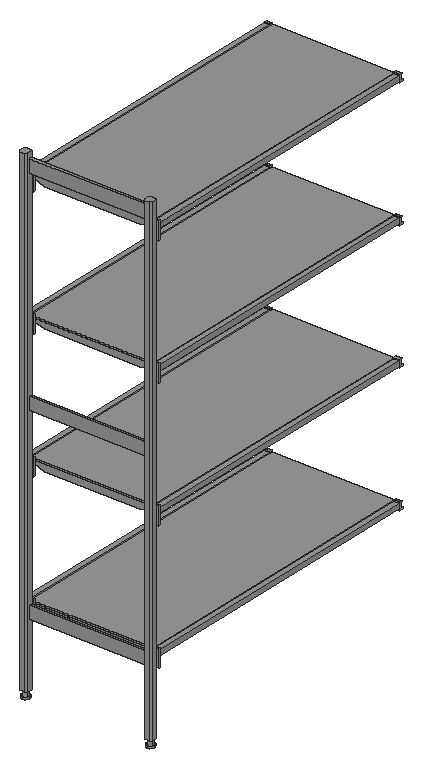
Revit family "QF_ZANUSSI_137074_CLS1094", category Attrezzature speciali, Revit 2020
Family settings
  Quota connettore circolare = Usa diametro
  Tipo di parte = Normale
  Basato su piano di lavoro = No
  Sempre verticale = Sì
  Taglio con vuoti quando caricato = No
  Condiviso = No
  Punto di calcolo locali = No
Parameters (values of type "Standard")
  Weight = 20.00 kg
  Watts = 0 W
  Volts = 0 V
  URL Manufacturer = "http://www.zanussiprofessional.com"
  URL = "http://www.zanussiprofessional.com"
  Steam Supply Size = 0 mm
  Steam Supply Minimum Pressure = 0.0 Pa
  Steam Supply Maximum Pressure = 0.0 Pa
  Steam Consumption per Hour = 0
  Refrigeration Suction Line Size = 0.0 mm
  Refrigeration Liquid Line Size = 0.0 mm
  Refrigerant Compressor Remote = yes
  Prospetto di default = 0.0 mm
  Phase = 0
  Modello = "CLS1094"
  Produttore = "Zanussi"
  Length Actual = 1098.0 mm  # constant formula
  Item Number = "137074"
  Hot Water Size = 0 mm
  Height Actual = 1700.0 mm  # constant formula
  HP = "0 HP"
  Gas Size = 0 mm
  Gas KW = 0
  Gas Input Pressure = 0 W
  Direct Waste Size = 0 mm
  Descrizione = "ALUM.CORNER SHELV.-POLY.TIERS-475X1098MM"
  Depth Actual = 475.0 mm  # constant formula
  Cycle = 0 Hz
  Condensate Return Size = 0 mm
  Compressed Air Volume = 0.0 L/s
  Compressed Air Size = 0 mm
  Compressed Air Pressure = 0.0 Pa
  Cold Water Size = 0 mm
  Accessory = yes
Reference planes
  plane 1: z = 0
  plane 2 "Center (F/B)": y = -163.5
  plane 3 "Front": y = -549.5
  plane 4 "Left": x = -217.5
  plane 5 "Right": x = 257.5
  plane 6 "TOP": z = 1700
  plane 7: y = -517.5
  plane 8: y = 544.5
  plane 9 "Center (Left/Right)": x = 20
  plane 10: y = 539.5
  plane 11: x = -186
  plane 12: x = 226
  plane 13 "FEET": z = 25
  plane 14: z = 275
  plane 15: z = 725
  plane 16: z = 1175
  plane 17: z = 1625
  plane 18 "CXLeft": y = -535.5
  plane 19: x = -200
  plane 20 "CYBack": x = -200
  plane 21 "CYFront": x = 138
  plane 22 "Back": y = 548.5
  plane 23 "LEFT_ORIGIN": x = -251.5
  plane 24 "BACK_Origin": y = 1023.5
Forms (mm)
  Extrusion 1, solid, material "QF_Aluminum"
    sketch origin (0, -549.5, 0) x (-1, 0, 0) y (0, 0, 1)
      loop
        line (198.5, 1650.994) -> (198.5, 1632.998) -> (217.5, 1632.998) -> (217.5, 1650.994) -> (198.5, 1650.994)
      loop
        line (-238.5, 1650.994) -> (-257.5, 1650.994) -> (-257.5, 1632.998) -> (-238.5, 1632.998) -> (-238.5, 1650.994)
      loop
        line (198.5, 1200.994) -> (198.5, 1182.998) -> (217.5, 1182.998) -> (217.5, 1200.994) -> (198.5, 1200.994)
      loop
        line (-238.522, 1200.994) -> (-257.5, 1200.994) -> (-257.5, 1182.998) -> (-238.522, 1182.998) -> (-238.522, 1200.994)
      loop
        line (198.5, 750.994) -> (198.5, 732.998) -> (217.5, 732.998) -> (217.5, 750.994) -> (198.5, 750.994)
      loop
        line (-238.522, 750.994) -> (-257.5, 750.994) -> (-257.5, 732.998) -> (-238.522, 732.998) -> (-238.522, 750.994)
      loop
        line (198.5, 300.994) -> (198.5, 282.998) -> (217.5, 282.998) -> (217.5, 300.994) -> (198.5, 300.994)
      loop
        line (-238.522, 300.994) -> (-257.5, 300.994) -> (-257.5, 282.998) -> (-238.522, 282.998) -> (-238.522, 300.994)
    from 32 to 1094
  Extrusion 2, solid, material "QF_Polyethylene"
    sketch origin (0, -549.5, 0) x (-1, 0, 0) y (0, 0, 1)
      loop
        line (196.507, 1650.994) -> (-236.522, 1650.994) -> (-236.522, 1644.496) -> (196.507, 1644.496) -> (196.507, 1650.994)
      loop
        line (196.507, 1200.994) -> (-236.522, 1200.994) -> (-236.522, 1194.496) -> (196.507, 1194.496) -> (196.507, 1200.994)
      loop
        line (196.507, 750.994) -> (-236.522, 750.994) -> (-236.522, 744.496) -> (196.507, 744.496) -> (196.507, 750.994)
      loop
        line (196.507, 300.994) -> (-236.522, 300.994) -> (-236.522, 294.496) -> (196.507, 294.496) -> (196.507, 300.994)
    from 32 to 1094
Lines and regions (mm)
  symbolic lines
    curve 1: line (-198.5, 544.5, 1700) -> (-198.5, -517.5, 1700)
    curve 2: line (-217.5, -521.5, 1700) -> (-217.5, 544.5, 1700)
    curve 3: line (257.5, -521.5, 1700) -> (257.5, 544.5, 1700)
    curve 4: line (-181.507, -517.5, 1700) -> (221.507, -517.5, 1700)
    curve 5: line (238.522, -517.5, 1700) -> (238.522, 544.5, 1700)
    curve 6: line (-198.5, 544.5, 1700) -> (238.522, 544.5, 1700)
Dimensions and locks
  plane 3 "Front" to plane 2 "Center (F/B)" = 386.0 mm
  locked: plane 6 "TOP" to level at 1700
  locked: plane 4 "Left" to plane 5 "Right" at 475
  locked: plane 7 to plane 8 at 1062
  locked: plane 3 "Front" to plane 7 at 32
  plane 10 to plane 8 = 5.0 mm
  locked: plane 11 to plane 12 at 412
  equal spacing: plane 11, plane 9 "Center (Left/Right)", plane 12
  equal spacing: plane 4 "Left", plane 9 "Center (Left/Right)", plane 5 "Right"
  plane 13 "FEET" to level = 25.0 mm
  plane 6 "TOP" to plane 13 "FEET" = 1675.0 mm
  plane 14 to plane 13 "FEET" = 250.0 mm
  plane 15 to plane 14 = 450.0 mm
  plane 16 to plane 15 = 450.0 mm
  plane 17 to plane 16 = 450.0 mm
  locked: plane 3 "Front" to plane 18 "CXLeft" at 14
  locked: plane 3 "Front" to plane 22 "Back" at 1098
  plane 23 "LEFT_ORIGIN" to plane 5 "Right" = 509.0 mm
  locked: plane 22 "Back" to plane 24 "BACK_Origin" at 475
  aligned and locked: level to plane 1
  aligned and locked: Extrusion 2 to plane 7
  aligned and locked: plane 8 to Extrusion 2
  aligned and locked: Extrusion 1 to plane 7
  aligned and locked: plane 8 to Extrusion 1
  aligned and locked: Extrusion 1 sketch curve to Extrusion 1 sketch curve  (x2)
  aligned and locked: plane 18 "CXLeft" to nested 1
  aligned and locked: nested 2 to plane 10
Automatic sketch dimensions
  curve 2 to plane 4 "Left" = 0.0 mm
  curve 3 to plane 5 "Right" = 0.0 mm
  plane 7 to curve 1 = 0.0 mm
  plane 7 to curve 4 = 0.0 mm
  plane 7 to curve 5 = 0.0 mm
  plane 8 to curve 2 = 0.0 mm
  plane 8 to curve 1 = 0.0 mm
  plane 8 to curve 3 = 0.0 mm
  curve 5 to plane 21 "CYFront" = 100.522 mm
  plane 19 to curve 6 = 1.5 mm
  plane 7 to curve 3 = 4.0 mm
  plane 7 to curve 2 = 4.0 mm
  plane 12 to curve 4 = 4.493 mm
  curve 4 to plane 11 = 4.493 mm
  plane 5 "Right" to Extrusion 1 sketch curve = 0.0 mm  (x4)
  plane 4 "Left" to Extrusion 1 sketch curve = 0.0 mm  (x4)
  Extrusion 1 sketch curve to plane 21 "CYFront" = 100.522 mm
  Extrusion 1 sketch curve to plane 21 "CYFront" = 100.5 mm
  plane 19 to Extrusion 1 sketch curve = 1.5 mm  (x4)
  plane 14 to Extrusion 1 sketch curve = 7.998 mm  (x2)
  Extrusion 1 sketch curve to Extrusion 1 sketch curve = 17.997 mm  (x8)
  plane 15 to Extrusion 1 sketch curve = 7.998 mm  (x2)
  plane 16 to Extrusion 1 sketch curve = 7.998 mm  (x2)
  plane 17 to Extrusion 1 sketch curve = 7.998 mm  (x2)
  Extrusion 2 sketch curve to plane 21 "CYFront" = 98.522 mm  (x4)
  plane 19 to Extrusion 2 sketch curve = 3.493 mm  (x4)
  plane 14 to Extrusion 2 sketch curve = 19.496 mm
  Extrusion 2 sketch curve to Extrusion 2 sketch curve = 6.499 mm  (x4)
  plane 15 to Extrusion 2 sketch curve = 19.496 mm
  plane 16 to Extrusion 2 sketch curve = 19.496 mm
  plane 17 to Extrusion 2 sketch curve = 19.496 mm
Nested families
  nested 1: "WT_Anta475" at (-194.5, -132.5, 0) x (0, 1, 0) z (0, 0, 1), type "WT_Anta475"
  nested 2: "WT_Aggancio475" at (-194.5, 956.5, 0) x (0, 1, 0) z (0, 0, 1), type "WT_Aggancio475"
Definition of nested family "WT_Anta475"
  Parameters
    WidthLeft = A + 64.0 mm  # 772.0 mm
    Width = 1606.0 mm
    Right = WidthLeft / 2  # 386.0 mm
    Default Elevation = 0.0 mm
    Left = -WidthLeft / 2  # -386.0 mm
    Height = 1725.0 mm
    FEET = 25.0 mm
    E = 0.0 mm
    Dint = Depth - 63.0 mm  # 412.0 mm
    Dext = Depth - 8.0 mm  # 467.0 mm
    Depth = 475.0 mm
    DX = (WidthLeft - A) / 2  # 32.0 mm
    B = 798.0 mm
    A = 708.0 mm
  Reference planes
    plane 1: z = 0
    plane 2 "LEFT": x = -417
    plane 3 "BACK": y = 23
    plane 4 "FRONT": y = -452
    plane 5 "TOP": z = 1725
    plane 6 "Center (Front/Back)": y = -214.5
    plane 7: y = -8.5
    plane 8: y = -420.5
    plane 9 "FEET": z = 25
    plane 10: z = 275
    plane 11: z = 725
    plane 12: z = 1175
    plane 13: z = 1625
    plane 14 "CXLeft": x = -403
    plane 15: y = 5.5
    plane 16 "CYBack": y = 5.5
    plane 17 "CYFront": y = -434.5
    plane 18: x = -385.031
    plane 19: x = -380.031
  Forms (mm)
    Extrusion 1, solid
      sketch origin (0, 0, 0) x (1, 0, 0) y (0, 1, 0)
        loop
          line (-417, 13.246) -> (-417, -2.246) -> (-410.746, -8.5) -> (-395.254, -8.5) -> (-389, -2.246) -> (-389, 13.246) -> (-395.254, 19.5) -> (-410.746, 19.5) -> (-417, 13.246)
      from 1725 to 25
    Extrusion 2, solid
      sketch origin (-417, 0, 0) x (0, 1, 0) y (0, 0, 1)
        loop
          line (23, 246.005) -> (23, 307.993) -> (-12.993, 307.993) -> (-12.993, 246.005) -> (23, 246.005)
        loop
          line (-452, 246.005) -> (-416.007, 246.005) -> (-416.007, 307.993) -> (-452, 307.993) -> (-452, 246.005)
        loop
          line (23, 696.005) -> (23, 757.993) -> (-12.993, 757.993) -> (-12.993, 696.005) -> (23, 696.005)
        loop
          line (-452, 696.005) -> (-416.007, 696.005) -> (-416.007, 757.993) -> (-452, 757.993) -> (-452, 696.005)
        loop
          line (23, 1146.005) -> (23, 1207.993) -> (-12.993, 1207.993) -> (-12.993, 1146.005) -> (23, 1146.005)
        loop
          line (-452, 1146.005) -> (-416.007, 1146.005) -> (-416.007, 1207.993) -> (-452, 1207.993) -> (-452, 1146.005)
        loop
          line (23, 1596.005) -> (23, 1657.993) -> (-12.993, 1657.993) -> (-12.993, 1596.005) -> (23, 1596.005)
        loop
          line (-452, 1596.005) -> (-416.007, 1596.005) -> (-416.007, 1657.993) -> (-452, 1657.993) -> (-452, 1596.005)
      from 28 to 32
    Revolve 3, solid
      sketch origin (-403, 0, 0) x (0, 1, 0) y (0, 0, 1)
        loop
          line (5.5, 25) -> (5.5, 0) -> (19, 0) -> (19, 5) -> (14, 5) -> (14, 25) -> (5.5, 25)
        axis (5.5, 25) -> (5.5, 0)
      angle from 0 to 360
    Extrusion 4, solid
      sketch origin (-403, 0, 0) x (0, 1, 0) y (0, 0, 1)
        loop
          line (-8.5, 912.382) -> (-8.5, 957.374) -> (-420.5, 957.374) -> (-420.5, 912.382) -> (-8.5, 912.382)
        loop
          line (-8.5, 1662.244) -> (-8.5, 1707.236) -> (-420.5, 1707.236) -> (-420.5, 1662.244) -> (-8.5, 1662.244)
      from -5 to 5
    Revolve 5, solid
      sketch origin (-403, -627, 0) x (0, -1, 0) y (0, 0, 1)
        loop
          line (-192.5, 25) -> (-192.5, 0) -> (-179, 0) -> (-179, 5) -> (-184, 5) -> (-184, 25) -> (-192.5, 25)
        axis (-192.5, 25) -> (-192.5, 0)
      angle from 0 to 360
    Extrusion 6, solid
      sketch origin (0, -627, 0) x (1, 0, 0) y (0, 1, 0)
        loop
          line (-417, 184.754) -> (-410.746, 178.5) -> (-395.254, 178.5) -> (-389, 184.754) -> (-389, 200.246) -> (-395.254, 206.5) -> (-410.746, 206.5) -> (-417, 200.246) -> (-417, 184.754)
      from 1725 to 25
    Extrusion 7, solid
      sketch origin (-417.031, -0.022, 0) x (0, 1, 0) y (0, 0, -1)
        loop
          line (-12, -1632.998) -> (-46, -1620.994) -> (-383, -1620.994) -> (-417, -1632.998) -> (-433, -1632.998) -> (-433, -1650.994) -> (-431, -1650.994) -> (-431, -1644.496) -> (2.007, -1644.496) -> (2.007, -1650.994) -> (4, -1650.994) -> (4, -1632.998) -> (-12, -1632.998)
        loop
          line (-12, -1182.998) -> (-46, -1170.994) -> (-383, -1170.994) -> (-417, -1182.998) -> (-433, -1182.998) -> (-433, -1200.994) -> (-431, -1200.994) -> (-431, -1194.496) -> (2.007, -1194.496) -> (2.007, -1200.994) -> (4, -1200.994) -> (4, -1182.998) -> (-12, -1182.998)
        loop
          line (-12, -732.998) -> (-46, -720.994) -> (-383, -720.994) -> (-417, -732.998) -> (-433, -732.998) -> (-433, -750.994) -> (-431, -750.994) -> (-431, -744.496) -> (2.007, -744.496) -> (2.007, -750.994) -> (4, -750.994) -> (4, -732.998) -> (-12, -732.998)
        loop
          line (-12, -282.998) -> (-46, -270.994) -> (-383, -270.994) -> (-417, -282.998) -> (-433, -282.998) -> (-433, -300.994) -> (-431, -300.994) -> (-431, -294.496) -> (2.007, -294.496) -> (2.007, -300.994) -> (4, -300.994) -> (4, -282.998) -> (-12, -282.998)
      from -32 to -37
    Extrusion 8, solid
      sketch origin (-403, 0, -659.878) x (0, 1, 0) y (0, 0, 1)
        loop
          line (-8.5, 912.382) -> (-8.5, 957.374) -> (-420.5, 957.374) -> (-420.5, 912.382) -> (-8.5, 912.382)
        loop
          line (-8.5, 1572.382) -> (-8.5, 1617.374) -> (-420.5, 1617.374) -> (-420.5, 1572.382) -> (-8.5, 1572.382)
        loop
          line (-8.5, 2322.382) -> (-8.5, 2367.374) -> (-420.5, 2367.374) -> (-420.5, 2322.382) -> (-8.5, 2322.382)
      from -5 to 5
  Lines and regions (mm)
    symbolic lines
      curve 1: line (-408, -8.5, 1725) -> (-408, -420.5, 1725)
      curve 2: line (-398, -420.5, 1725) -> (-398, -8.5, 1725)
      curve 3: line (-395.254, -8.5, 1725) -> (-410.746, -8.5, 1725)
      curve 4: line (-417, -2.246, 1725) -> (-410.746, -8.5, 1725)
      curve 5: line (-417, 13.246, 1725) -> (-417, -2.246, 1725)
      curve 6: line (-410.746, 19.5, 1725) -> (-417, 13.246, 1725)
      curve 7: line (-395.254, 19.5, 1725) -> (-410.746, 19.5, 1725)
      curve 8: line (-389, 13.246, 1725) -> (-395.254, 19.5, 1725)
      curve 9: line (-395.254, -8.5, 1725) -> (-389, -2.246, 1725)
      curve 10: line (-395.254, -420.5, 1725) -> (-410.746, -420.5, 1725)
      curve 11: line (-417, -426.754, 1725) -> (-410.746, -420.5, 1725)
      curve 12: line (-410.746, -448.5, 1725) -> (-417, -442.246, 1725)
      curve 13: line (-395.254, -448.5, 1725) -> (-410.746, -448.5, 1725)
      curve 14: line (-389, -442.246, 1725) -> (-395.254, -448.5, 1725)
      curve 15: line (-395.254, -420.5, 1725) -> (-389, -426.754, 1725)
      curve 16: line (-389, -452, 1725) -> (-389, -416.007, 1725)
      curve 17: line (-389, -416.007, 1725) -> (-385, -416.007, 1725)
      curve 18: line (-389, 23, 1725) -> (-389, -12.993, 1725)
      curve 19: line (-389, -12.993, 1725) -> (-385, -12.993, 1725)
      curve 20: line (-417, -426.754, 1725) -> (-417, -442.246, 1725)
      curve 21: line (-385, -452, 1725) -> (-385, -416.007, 1725)
      curve 22: line (-385, -452, 1725) -> (-389, -452, 1725)
      curve 23: line (-385, 23, 1725) -> (-389, 23, 1725)
      curve 24: line (-385, -12.993, 1725) -> (-385, 23, 1725)
      curve 25: line (-385.031, -13.016, 1725) -> (-385.031, -416.029, 1725)
  Dimensions and locks
    "Height": plane 5 "TOP" to level
    "Depth": plane 3 "BACK" to plane 4 "FRONT"
    "Dint": plane 7 to plane 8
    equal spacing: plane 7, plane 6 "Center (Front/Back)", plane 8
    equal spacing: plane 3 "BACK", plane 6 "Center (Front/Back)", plane 4 "FRONT"
    plane 9 "FEET" to level = 25.0 mm
    plane 5 "TOP" to plane 9 "FEET" = 1700.0 mm
    plane 10 to plane 9 "FEET" = 250.0 mm
    plane 11 to plane 10 = 450.0 mm
    plane 12 to plane 11 = 450.0 mm
    plane 13 to plane 12 = 450.0 mm
    locked: plane 2 "LEFT" to plane 14 "CXLeft" at 14
    locked: plane 3 "BACK" to plane 16 "CYBack" at 17.5
    locked: plane 17 "CYFront" to plane 4 "FRONT" at 17.5
    locked: Revolve 3 sketch curve to Revolve 3 sketch curve at 8.5
    locked: Revolve 3 sketch curve to plane 16 "CYBack" at 13.5
    locked: Revolve 5 sketch curve to Revolve 5 sketch curve at 8.5
    aligned and locked: level to plane 1
    aligned and locked: curve 20 to Extrusion 6
    aligned and locked: plane 5 "TOP" to Extrusion 1
    aligned and locked: plane 5 "TOP" to Extrusion 6
    aligned and locked: Extrusion 7 sketch curve to Extrusion 7 sketch curve  (x3)
  Automatic sketch dimensions
    curve 16 to plane 4 "FRONT" = 0.0 mm
    curve 11 to plane 8 = 0.0 mm
    curve 9 to plane 7 = 0.0 mm
    curve 5 to plane 2 "LEFT" = 0.0 mm
    curve 23 to plane 3 "BACK" = 0.0 mm
    plane 4 "FRONT" to curve 13 = 3.5 mm
    curve 20 to plane 17 "CYFront" = 7.746 mm
    curve 20 to plane 8 = 6.254 mm
    plane 8 to curve 16 = 4.493 mm
    curve 24 to plane 18 = 0.031 mm
    curve 24 to plane 7 = 4.493 mm
    plane 7 to curve 5 = 6.254 mm
    curve 5 to plane 15 = 7.746 mm
    curve 6 to plane 3 "BACK" = 3.5 mm
    curve 21 to plane 18 = 0.031 mm
    plane 18 to curve 23 = 3.969 mm
    plane 18 to curve 16 = 3.969 mm
    curve 18 to curve 8 = 6.254 mm
    curve 18 to curve 3 = 6.254 mm
    curve 16 to curve 13 = 6.254 mm
    curve 16 to curve 15 = 6.254 mm
    plane 2 "LEFT" to curve 10 = 6.254 mm
    plane 2 "LEFT" to curve 7 = 6.254 mm
    plane 2 "LEFT" to curve 12 = 6.254 mm
    plane 2 "LEFT" to curve 3 = 6.254 mm
    curve 14 to plane 17 "CYFront" = 7.746 mm
    curve 15 to plane 8 = 6.254 mm
    plane 7 to curve 9 = 6.254 mm
    curve 8 to plane 15 = 7.746 mm
    curve 3 to curve 2 = 2.746 mm
    curve 1 to curve 10 = 2.746 mm
    Extrusion 1 sketch curve to plane 2 "LEFT" = 0.0 mm
    Extrusion 1 sketch curve to plane 7 = 0.0 mm
    plane 2 "LEFT" to Extrusion 1 sketch curve = 6.254 mm  (x2)
    plane 14 "CXLeft" to Extrusion 1 sketch curve = 7.746 mm  (x2)
    Extrusion 1 sketch curve to plane 3 "BACK" = 3.5 mm
    plane 18 to Extrusion 1 sketch curve = 3.969 mm
    plane 7 to Extrusion 1 sketch curve = 6.254 mm  (x2)
    Extrusion 1 sketch curve to plane 15 = 7.746 mm  (x2)
    Extrusion 2 sketch curve to plane 4 "FRONT" = 0.0 mm  (x4)
    Extrusion 2 sketch curve to plane 3 "BACK" = 0.0 mm  (x4)
    plane 8 to Extrusion 2 sketch curve = 4.493 mm  (x4)
    Extrusion 2 sketch curve to plane 7 = 4.493 mm  (x4)
    Extrusion 2 sketch curve to plane 10 = 28.995 mm  (x2)
    plane 10 to Extrusion 2 sketch curve = 32.993 mm  (x2)
    Extrusion 2 sketch curve to plane 11 = 28.995 mm  (x2)
    plane 11 to Extrusion 2 sketch curve = 32.993 mm  (x2)
    Extrusion 2 sketch curve to plane 12 = 28.995 mm  (x2)
    plane 12 to Extrusion 2 sketch curve = 32.993 mm  (x2)
    Extrusion 2 sketch curve to plane 13 = 28.995 mm  (x2)
    plane 13 to Extrusion 2 sketch curve = 32.993 mm  (x2)
    Revolve 3 sketch curve to plane 9 "FEET" = 0.0 mm  (x2)
    Revolve 3 sketch curve to plane 15 = 0.0 mm  (x2)
    Revolve 3 sketch curve to level = 0.0 mm
    level to Revolve 3 sketch curve = 5.0 mm
    Revolve 3 sketch curve to Revolve 3 sketch curve = 11.655 mm
    Extrusion 4 sketch curve to plane 8 = 0.0 mm  (x2)
    Extrusion 4 sketch curve to plane 7 = 0.0 mm  (x2)
    plane 11 to Extrusion 4 sketch curve = 187.382 mm
    Extrusion 4 sketch curve to Extrusion 4 sketch curve = 44.992 mm
    plane 13 to Extrusion 4 sketch curve = 37.244 mm
    Extrusion 4 sketch curve to plane 5 "TOP" = 17.764 mm
    Revolve 5 sketch curve to plane 9 "FEET" = 0.0 mm  (x2)
    Revolve 5 sketch curve to plane 17 "CYFront" = 0.0 mm  (x2)
    Revolve 5 sketch curve to level = 0.0 mm
    Revolve 5 sketch curve to plane 4 "FRONT" = 4.0 mm
    Revolve 5 sketch curve to Revolve 5 sketch curve = 5.0 mm
    level to Revolve 5 sketch curve = 11.655 mm
    Extrusion 6 sketch curve to plane 2 "LEFT" = 0.0 mm
    Extrusion 6 sketch curve to plane 8 = 0.0 mm
    Extrusion 6 sketch curve to plane 2 "LEFT" = 6.254 mm  (x2)
    Extrusion 6 sketch curve to plane 14 "CXLeft" = 7.746 mm  (x2)
    Extrusion 6 sketch curve to plane 4 "FRONT" = 3.5 mm
    Extrusion 6 sketch curve to plane 18 = 3.969 mm
    plane 8 to Extrusion 6 sketch curve = 6.254 mm  (x2)
    plane 17 "CYFront" to Extrusion 6 sketch curve = 7.746 mm  (x2)
    plane 17 "CYFront" to Extrusion 7 sketch curve = 1.478 mm  (x4)
    Extrusion 7 sketch curve to Extrusion 7 sketch curve = 2.0 mm
    plane 8 to Extrusion 7 sketch curve = 3.478 mm  (x4)
    Extrusion 7 sketch curve to plane 10 = 4.006 mm
    Extrusion 7 sketch curve to Extrusion 7 sketch curve = 34.0 mm  (x4)
    Extrusion 7 sketch curve to plane 11 = 4.006 mm
    Extrusion 7 sketch curve to plane 12 = 4.006 mm
    Extrusion 7 sketch curve to plane 13 = 4.006 mm
    Extrusion 7 sketch curve to plane 7 = 37.522 mm  (x4)
    Extrusion 7 sketch curve to plane 7 = 3.522 mm  (x4)
    plane 15 to Extrusion 7 sketch curve = 3.516 mm  (x4)
    plane 15 to Extrusion 7 sketch curve = 1.522 mm  (x4)
    plane 13 to Extrusion 7 sketch curve = 7.998 mm  (x2)
    Extrusion 7 sketch curve to Extrusion 7 sketch curve = 11.498 mm
    Extrusion 7 sketch curve to Extrusion 7 sketch curve = 6.499 mm  (x5)
    plane 12 to Extrusion 7 sketch curve = 25.994 mm  (x2)
    plane 12 to Extrusion 7 sketch curve = 7.998 mm  (x2)
    plane 11 to Extrusion 7 sketch curve = 25.994 mm  (x2)
    plane 11 to Extrusion 7 sketch curve = 7.998 mm  (x2)
    plane 10 to Extrusion 7 sketch curve = 25.994 mm  (x2)
    plane 10 to Extrusion 7 sketch curve = 7.998 mm  (x2)
    curve 25 to plane 18 = 0.0 mm
    plane 8 to curve 25 = 4.471 mm
    curve 25 to plane 7 = 4.516 mm
    Extrusion 8 sketch curve to plane 8 = 0.0 mm  (x3)
    Extrusion 8 sketch curve to plane 7 = 0.0 mm  (x3)
    Extrusion 8 sketch curve to plane 10 = 22.496 mm
    plane 10 to Extrusion 8 sketch curve = 22.496 mm
    plane 11 to Extrusion 8 sketch curve = 187.504 mm
    Extrusion 8 sketch curve to Extrusion 8 sketch curve = 44.992 mm
    plane 13 to Extrusion 8 sketch curve = 37.504 mm
    Extrusion 8 sketch curve to plane 5 "TOP" = 17.504 mm
Definition of nested family "WT_Aggancio475"
  Parameters
    WidthLeft = A + 64.0 mm  # 772.0 mm
    Width = 1606.0 mm
    Right = WidthLeft / 2  # 386.0 mm
    Default Elevation = 0.0 mm
    Left = -WidthLeft / 2  # -386.0 mm
    Height = 1725.0 mm
    FEET = 25.0 mm
    E = 0.0 mm
    Dint = Depth - 63.0 mm  # 412.0 mm
    Dext = Depth - 8.0 mm  # 467.0 mm
    Depth = 475.0 mm
    DX = (WidthLeft - A) / 2  # 32.0 mm
    B = 798.0 mm
    A = 708.0 mm
  Reference planes
    plane 1: z = 0
    plane 2 "LEFT": x = -417
    plane 3 "BACK": y = 23
    plane 4 "FRONT": y = -452
    plane 5 "TOP": z = 1725
    plane 6 "Center (Front/Back)": y = -214.5
    plane 7: y = -8.5
    plane 8: y = -420.5
    plane 9 "FEET": z = 25
    plane 10: z = 275
    plane 11: z = 725
    plane 12: z = 1175
    plane 13: z = 1625
    plane 14: y = 5.5
    plane 15 "CYBack": y = 5.5
    plane 16 "CYFront": y = -434.5
  Forms (mm)
    Extrusion 1, solid
      sketch origin (-380, -0.022, 0) x (0, 1, 0) y (0, 0, 1)
        loop
          line (-12, 1632.998) -> (4, 1632.998) -> (4, 1650.994) -> (2.007, 1650.994) -> (2.007, 1644.496) -> (-431, 1644.496) -> (-431, 1650.994) -> (-433, 1650.994) -> (-433, 1632.998) -> (-417, 1632.998) -> (-383, 1620.994) -> (-46, 1620.994) -> (-12, 1632.998)
        loop
          line (-12, 1182.998) -> (4, 1182.998) -> (4, 1200.994) -> (2.007, 1200.994) -> (2.007, 1194.496) -> (-431, 1194.496) -> (-431, 1200.994) -> (-433, 1200.994) -> (-433, 1182.998) -> (-417, 1182.998) -> (-383, 1170.994) -> (-46, 1170.994) -> (-12, 1182.998)
        loop
          line (-12, 732.998) -> (4, 732.998) -> (4, 750.994) -> (2.007, 750.994) -> (2.007, 744.496) -> (-431, 744.496) -> (-431, 750.994) -> (-433, 750.994) -> (-433, 732.998) -> (-417, 732.998) -> (-383, 720.994) -> (-46, 720.994) -> (-12, 732.998)
        loop
          line (-12, 282.998) -> (4, 282.998) -> (4, 300.994) -> (2.007, 300.994) -> (2.007, 294.496) -> (-431, 294.496) -> (-431, 300.994) -> (-433, 300.994) -> (-433, 282.998) -> (-417, 282.998) -> (-383, 270.994) -> (-46, 270.994) -> (-12, 282.998)
      from -32 to -37
    Extrusion 2, solid
      sketch origin (-793.062, -324.754, 6.5) x (1, 0, 0) y (0, 0, 1)
        loop
          line (385.062, 1644.496) -> (385.062, 1647.496) -> (376.062, 1647.496) -> (376.062, 1620.994) -> (390.031, 1620.994) -> (390.031, 1626.496) -> (381.062, 1626.496) -> (381.062, 1644.496) -> (385.062, 1644.496)
        loop
          line (385.062, 1194.496) -> (385.062, 1197.496) -> (376.062, 1197.496) -> (376.062, 1170.994) -> (390.031, 1170.994) -> (390.031, 1176.496) -> (381.062, 1176.496) -> (381.062, 1194.496) -> (385.062, 1194.496)
        loop
          line (385.062, 744.496) -> (385.062, 747.496) -> (376.062, 747.496) -> (376.062, 720.994) -> (390.031, 720.994) -> (390.031, 726.496) -> (381.062, 726.496) -> (381.062, 744.496) -> (385.062, 744.496)
        loop
          line (385.062, 294.496) -> (385.062, 297.496) -> (376.062, 297.496) -> (376.062, 270.994) -> (390.031, 270.994) -> (390.031, 276.496) -> (381.062, 276.496) -> (381.062, 294.496) -> (385.062, 294.496)
      from 108.268 to 127.246
    Extrusion 3, solid
      sketch origin (-793.062, 32.754, 6.5) x (1, 0, 0) y (0, 0, 1)
        loop
          line (385.062, 1644.496) -> (385.062, 1647.496) -> (376.062, 1647.496) -> (376.062, 1620.994) -> (390.031, 1620.994) -> (390.031, 1626.496) -> (381.062, 1626.496) -> (381.062, 1644.496) -> (385.062, 1644.496)
        loop
          line (385.062, 1194.496) -> (385.062, 1197.496) -> (376.062, 1197.496) -> (376.062, 1170.994) -> (390.031, 1170.994) -> (390.031, 1176.496) -> (381.062, 1176.496) -> (381.062, 1194.496) -> (385.062, 1194.496)
        loop
          line (385.062, 744.496) -> (385.062, 747.496) -> (376.062, 747.496) -> (376.062, 720.994) -> (390.031, 720.994) -> (390.031, 726.496) -> (381.062, 726.496) -> (381.062, 744.496) -> (385.062, 744.496)
        loop
          line (385.062, 294.496) -> (385.062, 297.496) -> (376.062, 297.496) -> (376.062, 270.994) -> (390.031, 270.994) -> (390.031, 276.496) -> (381.062, 276.496) -> (381.062, 294.496) -> (385.062, 294.496)
      from 9.754 to 28.776
  Lines and regions (mm)
    symbolic lines
      curve 1: line (-412, -452, 0) -> (-408, -452, 0)
      curve 2: line (-412, -433.022, 0) -> (-412, -452, 0)
      curve 3: line (-408, -433.022, 0) -> (-412, -433.022, 0)
      curve 4: line (-408, -452, 0) -> (-408, -433.022, 0)
      curve 5: line (-412, 3.978, 0) -> (-408, 3.978, 0)
      curve 6: line (-412, 23, 0) -> (-412, 3.978, 0)
      curve 7: line (-408, 23, 0) -> (-412, 23, 0)
      curve 8: line (-408, 3.978, 0) -> (-408, 23, 0)
  Dimensions and locks
    "Height": plane 5 "TOP" to level
    "Depth": plane 3 "BACK" to plane 4 "FRONT"
    "Dint": plane 7 to plane 8
    equal spacing: plane 7, plane 6 "Center (Front/Back)", plane 8
    equal spacing: plane 3 "BACK", plane 6 "Center (Front/Back)", plane 4 "FRONT"
    plane 9 "FEET" to level = 25.0 mm
    plane 5 "TOP" to plane 9 "FEET" = 1700.0 mm
    plane 10 to plane 9 "FEET" = 250.0 mm
    plane 11 to plane 10 = 450.0 mm
    plane 12 to plane 11 = 450.0 mm
    plane 13 to plane 12 = 450.0 mm
    locked: plane 3 "BACK" to plane 15 "CYBack" at 17.5
    locked: plane 16 "CYFront" to plane 4 "FRONT" at 17.5
    aligned and locked: level to plane 1
    aligned and locked: Extrusion 1 sketch curve to Extrusion 1 sketch curve  (x3)
  Automatic sketch dimensions
    plane 16 "CYFront" to Extrusion 1 sketch curve = 1.478 mm  (x4)
    Extrusion 1 sketch curve to Extrusion 1 sketch curve = 2.0 mm
    plane 8 to Extrusion 1 sketch curve = 3.478 mm  (x4)
    Extrusion 1 sketch curve to plane 10 = 4.006 mm
    Extrusion 1 sketch curve to Extrusion 1 sketch curve = 34.0 mm  (x4)
    Extrusion 1 sketch curve to plane 11 = 4.006 mm
    Extrusion 1 sketch curve to plane 12 = 4.006 mm
    Extrusion 1 sketch curve to plane 13 = 4.006 mm
    Extrusion 1 sketch curve to plane 7 = 37.522 mm  (x4)
    Extrusion 1 sketch curve to plane 7 = 3.522 mm  (x4)
    plane 14 to Extrusion 1 sketch curve = 3.516 mm  (x4)
    plane 14 to Extrusion 1 sketch curve = 1.522 mm  (x4)
    plane 10 to Extrusion 1 sketch curve = 7.998 mm  (x2)
    Extrusion 1 sketch curve to Extrusion 1 sketch curve = 11.498 mm  (x4)
    Extrusion 1 sketch curve to Extrusion 1 sketch curve = 6.499 mm  (x8)
    plane 11 to Extrusion 1 sketch curve = 7.998 mm  (x2)
    plane 12 to Extrusion 1 sketch curve = 7.998 mm  (x2)
    plane 13 to Extrusion 1 sketch curve = 7.998 mm  (x2)
    plane 2 "LEFT" to Extrusion 2 sketch curve = 0.0 mm  (x4)
    plane 13 to Extrusion 2 sketch curve = 7.996 mm
    plane 11 to Extrusion 2 sketch curve = 7.996 mm
    Extrusion 2 sketch curve to Extrusion 2 sketch curve = 5.0 mm  (x4)
    plane 11 to Extrusion 2 sketch curve = 2.494 mm
    plane 10 to Extrusion 2 sketch curve = 28.996 mm
    Extrusion 2 sketch curve to Extrusion 2 sketch curve = 3.0 mm  (x4)
    plane 10 to Extrusion 2 sketch curve = 7.996 mm
    plane 10 to Extrusion 2 sketch curve = 2.494 mm
    Extrusion 2 sketch curve to Extrusion 2 sketch curve = 18.0 mm  (x3)
    plane 12 to Extrusion 2 sketch curve = 2.494 mm
    plane 12 to Extrusion 2 sketch curve = 7.996 mm
    plane 13 to Extrusion 2 sketch curve = 2.494 mm
    plane 2 "LEFT" to Extrusion 3 sketch curve = 0.0 mm  (x4)
    plane 13 to Extrusion 3 sketch curve = 7.996 mm
    plane 11 to Extrusion 3 sketch curve = 7.996 mm
    Extrusion 3 sketch curve to Extrusion 3 sketch curve = 5.0 mm  (x4)
    plane 11 to Extrusion 3 sketch curve = 2.494 mm
    plane 10 to Extrusion 3 sketch curve = 28.996 mm
    Extrusion 3 sketch curve to Extrusion 3 sketch curve = 3.0 mm  (x4)
    plane 10 to Extrusion 3 sketch curve = 7.996 mm
    plane 10 to Extrusion 3 sketch curve = 2.494 mm
    Extrusion 3 sketch curve to Extrusion 3 sketch curve = 18.0 mm  (x3)
    plane 12 to Extrusion 3 sketch curve = 2.494 mm
    plane 12 to Extrusion 3 sketch curve = 7.996 mm
    plane 13 to Extrusion 3 sketch curve = 2.494 mm
    plane 2 "LEFT" to curve 1 = 5.0 mm
    plane 2 "LEFT" to curve 7 = 5.0 mm
    curve 1 to plane 16 "CYFront" = 17.5 mm
    curve 3 to plane 8 = 12.522 mm
    plane 7 to curve 5 = 12.478 mm
    curve 7 to plane 14 = 17.5 mm
    curve 5 to curve 5 = 4.0 mm
    curve 1 to curve 4 = 4.0 mm
    Extrusion 2 sketch curve to Extrusion 2 sketch curve = 4.0 mm  (x4)
    Extrusion 2 sketch curve to Extrusion 2 sketch curve = 8.969 mm  (x4)
    Extrusion 3 sketch curve to Extrusion 3 sketch curve = 4.0 mm  (x4)
    Extrusion 3 sketch curve to Extrusion 3 sketch curve = 8.969 mm  (x4)
